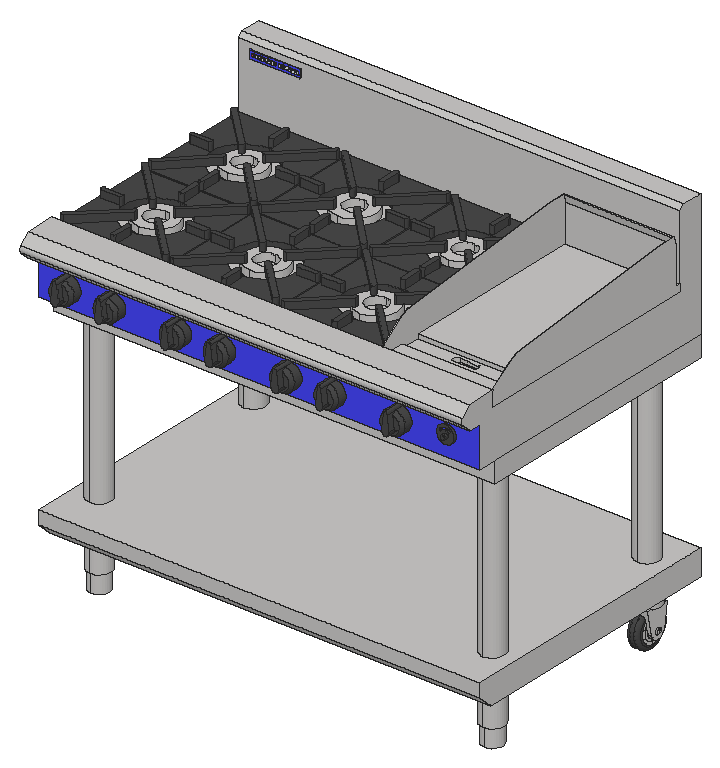
Revit family "QF_MOFFAT_BLUESEAL_CE_G518C-LS", category Specialty Equipment, Revit 2012 (continued)
Definition of nested family "GAS BURNER 900 & GRIDDLE 300"
  Definition of nested family "GAS BURNER 900"
    Forms (mm)
      Extrusion 2, solid, material "QF_Finishes_Black"
        sketch origin (0, 0, 19.5) x (0, -1, 0) y (1, 0, 0)
          loop
            spline (378.102, 143.6) -> (379.396, 143.818) -> (380.602, 144.457) -> (381.638, 145.475) -> (382.432, 146.8) -> (382.932, 148.344) -> (383.102, 150) -> (382.932, 151.656) -> (382.432, 153.2) -> (381.638, 154.525) -> (380.602, 155.543) -> (379.396, 156.182) -> (378.102, 156.4)
            line (378.102, 156.4) -> (328.898, 156.4)
          loop
            spline (335.153, 293.898) -> (334.084, 294.659) -> (332.779, 295.059) -> (331.328, 295.072) -> (329.829, 294.697) -> (328.384, 293.959) -> (327.092, 292.908) -> (326.041, 291.616) -> (325.303, 290.171) -> (324.928, 288.672) -> (324.941, 287.221) -> (325.341, 285.916) -> (326.102, 284.847)
            line (326.102, 284.847) -> (434.025, 176.924)
            spline (434.025, 176.924) -> (435.095, 176.163) -> (436.399, 175.762) -> (437.851, 175.749) -> (439.35, 176.125) -> (440.795, 176.863) -> (442.086, 177.914) -> (443.137, 179.205) -> (443.875, 180.65) -> (444.251, 182.149) -> (444.238, 183.601) -> (443.837, 184.905) -> (443.076, 185.975)
            line (443.076, 185.975) -> (335.153, 293.898)
          loop
            line (463.6, 291.102) -> (463.6, 241.898)
            spline (463.6, 241.898) -> (463.818, 240.604) -> (464.457, 239.398) -> (465.475, 238.362) -> (466.8, 237.568) -> (468.344, 237.068) -> (470, 236.898) -> (471.656, 237.068) -> (473.2, 237.568) -> (474.525, 238.362) -> (475.543, 239.398) -> (476.182, 240.604) -> (476.4, 241.898)
            line (476.4, 241.898) -> (476.4, 291.102)
            spline (476.4, 291.102) -> (476.182, 292.396) -> (475.543, 293.602) -> (474.525, 294.638) -> (473.2, 295.432) -> (471.656, 295.932) -> (470, 296.102) -> (468.344, 295.932) -> (466.8, 295.432) -> (465.475, 294.638) -> (464.457, 293.602) -> (463.818, 292.396) -> (463.6, 291.102)
          loop
            spline (612.398, 284.847) -> (613.159, 285.916) -> (613.559, 287.221) -> (613.572, 288.672) -> (613.197, 290.171) -> (612.459, 291.616) -> (611.408, 292.908) -> (610.116, 293.959) -> (608.671, 294.697) -> (607.172, 295.072) -> (605.721, 295.059) -> (604.416, 294.659) -> (603.347, 293.898)
            line (603.347, 293.898) -> (496.924, 185.975)
            spline (496.924, 185.975) -> (496.163, 184.905) -> (495.762, 183.601) -> (495.749, 182.149) -> (496.125, 180.65) -> (496.863, 179.205) -> (497.914, 177.914) -> (499.205, 176.863) -> (500.65, 176.125) -> (502.149, 175.749) -> (503.601, 175.762) -> (504.905, 176.163) -> (505.975, 176.924)
            line (505.975, 176.924) -> (612.398, 284.847)
          loop
            spline (609.602, 143.6) -> (610.896, 143.818) -> (612.102, 144.457) -> (613.138, 145.475) -> (613.932, 146.8) -> (614.432, 148.344) -> (614.602, 150) -> (614.432, 151.656) -> (613.932, 153.2) -> (613.138, 154.525) -> (612.102, 155.543) -> (610.896, 156.182) -> (609.602, 156.4)
            line (609.602, 156.4) -> (561.898, 156.4)
            spline (561.898, 156.4) -> (560.604, 156.182) -> (559.398, 155.543) -> (558.362, 154.525) -> (557.568, 153.2) -> (557.068, 151.656) -> (556.898, 150) -> (557.068, 148.344) -> (557.568, 146.8) -> (558.362, 145.475) -> (559.398, 144.457) -> (560.604, 143.818) -> (561.898, 143.6)
            line (561.898, 143.6) -> (609.602, 143.6)
          loop
            line (612.398, 15.153) -> (505.975, 123.076)
            spline (505.975, 123.076) -> (504.905, 123.837) -> (503.601, 124.238) -> (502.149, 124.251) -> (500.65, 123.875) -> (499.205, 123.137) -> (497.914, 122.086) -> (496.863, 120.795) -> (496.125, 119.35) -> (495.749, 117.851) -> (495.762, 116.399) -> (496.163, 115.095) -> (496.924, 114.025)
            line (496.924, 114.025) -> (603.347, 6.102)
            spline (603.347, 6.102) -> (604.416, 5.341) -> (605.721, 4.941) -> (607.172, 4.928) -> (608.671, 5.303) -> (610.116, 6.041) -> (611.408, 7.092) -> (612.459, 8.384) -> (613.197, 9.829) -> (613.572, 11.328) -> (613.559, 12.779) -> (613.159, 14.084) -> (612.398, 15.153)
          loop
            line (476.4, 8.898) -> (476.4, 58.102)
            spline (476.4, 58.102) -> (476.182, 59.396) -> (475.543, 60.602) -> (474.525, 61.638) -> (473.2, 62.432) -> (471.656, 62.932) -> (470, 63.102) -> (468.344, 62.932) -> (466.8, 62.432) -> (465.475, 61.638) -> (464.457, 60.602) -> (463.818, 59.396) -> (463.6, 58.102)
            line (463.6, 58.102) -> (463.6, 8.898)
            spline (463.6, 8.898) -> (463.818, 7.604) -> (464.457, 6.398) -> (465.475, 5.362) -> (466.8, 4.568) -> (468.344, 4.068) -> (470, 3.898) -> (471.656, 4.068) -> (473.2, 4.568) -> (474.525, 5.362) -> (475.543, 6.398) -> (476.182, 7.604) -> (476.4, 8.898)
          loop
            spline (22.602, 15.153) -> (21.681, 13.924) -> (21.131, 12.47) -> (20.99, 10.89) -> (21.267, 9.292) -> (21.943, 7.786) -> (22.973, 6.473) -> (24.286, 5.443) -> (25.792, 4.767) -> (27.39, 4.49) -> (28.97, 4.631) -> (30.424, 5.181) -> (31.653, 6.102)
            line (31.653, 6.102) -> (139.576, 114.025)
            spline (139.576, 114.025) -> (140.337, 115.095) -> (140.738, 116.399) -> (140.751, 117.851) -> (140.375, 119.35) -> (139.637, 120.795) -> (138.586, 122.086) -> (137.295, 123.137) -> (135.85, 123.875) -> (134.351, 124.251) -> (132.899, 124.238) -> (131.595, 123.837) -> (130.525, 123.076)
            line (130.525, 123.076) -> (22.602, 15.153)
          loop
            spline (25.398, 156.4) -> (24.104, 156.182) -> (22.898, 155.543) -> (21.862, 154.525) -> (21.068, 153.2) -> (20.568, 151.656) -> (20.398, 150) -> (20.568, 148.344) -> (21.068, 146.8) -> (21.862, 145.475) -> (22.898, 144.457) -> (24.104, 143.818) -> (25.398, 143.6)
            line (25.398, 143.6) -> (74.602, 143.6)
            spline (74.602, 143.6) -> (75.896, 143.818) -> (77.102, 144.457) -> (78.138, 145.475) -> (78.932, 146.8) -> (79.432, 148.344) -> (79.602, 150) -> (79.432, 151.656) -> (78.932, 153.2) -> (78.138, 154.525) -> (77.102, 155.543) -> (75.896, 156.182) -> (74.602, 156.4)
            line (74.602, 156.4) -> (25.398, 156.4)
          loop
            spline (31.653, 293.898) -> (30.584, 294.659) -> (29.279, 295.059) -> (27.828, 295.072) -> (26.329, 294.697) -> (24.884, 293.959) -> (23.592, 292.908) -> (22.541, 291.616) -> (21.803, 290.171) -> (21.428, 288.672) -> (21.441, 287.221) -> (21.841, 285.916) -> (22.602, 284.847)
            line (22.602, 284.847) -> (130.525, 176.924)
            spline (130.525, 176.924) -> (131.595, 176.163) -> (132.899, 175.762) -> (134.351, 175.749) -> (135.85, 176.125) -> (137.295, 176.863) -> (138.586, 177.914) -> (139.637, 179.205) -> (140.375, 180.65) -> (140.751, 182.149) -> (140.738, 183.601) -> (140.337, 184.905) -> (139.576, 185.975)
            line (139.576, 185.975) -> (31.653, 293.898)
          loop
            line (160.1, 291.102) -> (160.1, 241.898)
            spline (160.1, 241.898) -> (160.318, 240.604) -> (160.957, 239.398) -> (161.975, 238.362) -> (163.3, 237.568) -> (164.844, 237.068) -> (166.5, 236.898) -> (168.156, 237.068) -> (169.7, 237.568) -> (171.025, 238.362) -> (172.043, 239.398) -> (172.682, 240.604) -> (172.9, 241.898)
            line (172.9, 241.898) -> (172.9, 291.102)
            spline (172.9, 291.102) -> (172.682, 292.396) -> (172.043, 293.602) -> (171.025, 294.638) -> (169.7, 295.432) -> (168.156, 295.932) -> (166.5, 296.102) -> (164.844, 295.932) -> (163.3, 295.432) -> (161.975, 294.638) -> (160.957, 293.602) -> (160.318, 292.396) -> (160.1, 291.102)
          loop
            spline (313.898, 284.847) -> (314.659, 285.916) -> (315.059, 287.221) -> (315.072, 288.672) -> (314.697, 290.171) -> (313.959, 291.616) -> (312.908, 292.908) -> (311.616, 293.959) -> (310.171, 294.697) -> (308.672, 295.072) -> (307.221, 295.059) -> (305.916, 294.659) -> (304.847, 293.898)
            line (304.847, 293.898) -> (193.424, 185.975)
            spline (193.424, 185.975) -> (192.663, 184.905) -> (192.262, 183.601) -> (192.249, 182.149) -> (192.625, 180.65) -> (193.363, 179.205) -> (194.414, 177.914) -> (195.705, 176.863) -> (197.15, 176.125) -> (198.649, 175.749) -> (200.101, 175.762) -> (201.405, 176.163) -> (202.475, 176.924)
            line (202.475, 176.924) -> (313.898, 284.847)
          loop
            spline (311.102, 143.6) -> (312.396, 143.818) -> (313.602, 144.457) -> (314.638, 145.475) -> (315.432, 146.8) -> (315.932, 148.344) -> (316.102, 150) -> (315.932, 151.656) -> (315.432, 153.2) -> (314.638, 154.525) -> (313.602, 155.543) -> (312.396, 156.182) -> (311.102, 156.4)
            line (311.102, 156.4) -> (261.898, 156.4)
            spline (261.898, 156.4) -> (260.604, 156.182) -> (259.398, 155.543) -> (258.362, 154.525) -> (257.568, 153.2) -> (257.068, 151.656) -> (256.898, 150) -> (257.068, 148.344) -> (257.568, 146.8) -> (258.362, 145.475) -> (259.398, 144.457) -> (260.604, 143.818) -> (261.898, 143.6)
            line (261.898, 143.6) -> (311.102, 143.6)
          loop
            line (313.898, 15.153) -> (202.475, 123.076)
            spline (202.475, 123.076) -> (201.405, 123.837) -> (200.101, 124.238) -> (198.649, 124.251) -> (197.15, 123.875) -> (195.705, 123.137) -> (194.414, 122.086) -> (193.363, 120.795) -> (192.625, 119.35) -> (192.249, 117.851) -> (192.262, 116.399) -> (192.663, 115.095) -> (193.424, 114.025)
            line (193.424, 114.025) -> (304.847, 6.102)
            spline (304.847, 6.102) -> (305.916, 5.341) -> (307.221, 4.941) -> (308.672, 4.928) -> (310.171, 5.303) -> (311.616, 6.041) -> (312.908, 7.092) -> (313.959, 8.384) -> (314.697, 9.829) -> (315.072, 11.328) -> (315.059, 12.779) -> (314.659, 14.084) -> (313.898, 15.153)
          loop
            line (172.9, 8.898) -> (172.9, 58.102)
            spline (172.9, 58.102) -> (172.682, 59.396) -> (172.043, 60.602) -> (171.025, 61.638) -> (169.7, 62.432) -> (168.156, 62.932) -> (166.5, 63.102) -> (164.844, 62.932) -> (163.3, 62.432) -> (161.975, 61.638) -> (160.957, 60.602) -> (160.318, 59.396) -> (160.1, 58.102)
            line (160.1, 58.102) -> (160.1, 8.898)
            spline (160.1, 8.898) -> (160.318, 7.604) -> (160.957, 6.398) -> (161.975, 5.362) -> (163.3, 4.568) -> (164.844, 4.068) -> (166.5, 3.898) -> (168.156, 4.068) -> (169.7, 4.568) -> (171.025, 5.362) -> (172.043, 6.398) -> (172.682, 7.604) -> (172.9, 8.898)
        from 0 to 20.5
      Extrusion 3, solid, material "QF_Finishes_Stainless Steel"
        sketch origin (0, -15.098, 0) x (0, -1, 0) y (1, 0, 0)
          loop
            circle (151.402, 150) r 57
          loop
            circle (451.402, 150) r 57
          loop
            circle (151.402, 150) r 30
          loop
            circle (451.402, 150) r 30
        from 0 to 20
      Extrusion 4, solid, material "QF_Finishes_Black"
        sketch origin (600, 0, 0) x (0, -1, 0) y (1, 0, 0)
          loop
            arc (318.5, -4) -> (317.621, -1.879) -> (315.5, -1) r 3
            line (315.5, -1) -> (3, -1)
            arc (3, -1) -> (0.879, -1.879) -> (0, -4) r 3
            line (0, -4) -> (0, -296)
            arc (0, -296) -> (0.879, -298.121) -> (3, -299) r 3
            line (3, -299) -> (315.5, -299)
            arc (315.5, -299) -> (317.621, -298.121) -> (318.5, -296) r 3
            line (318.5, -296) -> (318.5, -4)
          loop
            arc (324.5, -1) -> (322.379, -1.879) -> (321.5, -4) r 3
            line (321.5, -4) -> (321.5, -296)
            arc (321.5, -296) -> (322.379, -298.121) -> (324.5, -299) r 3
            line (324.5, -299) -> (632, -299)
            arc (632, -299) -> (634.121, -298.121) -> (635, -296) r 3
            line (635, -296) -> (635, -4)
            arc (635, -4) -> (634.121, -1.879) -> (632, -1) r 3
            line (632, -1) -> (324.5, -1)
          loop
            circle (168.5, -149.991) r 84.082
          loop
            circle (468.5, -149.991) r 84.082
        from 0 to 19.5
      Extrusion 5, solid, material "QF_Finishes_Black"
        sketch origin (600, 0, 19.5) x (0, -1, 0) y (1, 0, 0)
          loop
            line (326.102, -15.153) -> (434.025, -123.076)
            spline (434.025, -123.076) -> (435.095, -123.837) -> (436.399, -124.238) -> (437.851, -124.251) -> (439.35, -123.875) -> (440.795, -123.137) -> (442.086, -122.086) -> (443.137, -120.795) -> (443.875, -119.35) -> (444.251, -117.851) -> (444.238, -116.399) -> (443.837, -115.095) -> (443.076, -114.025)
            line (443.076, -114.025) -> (335.153, -6.102)
            spline (335.153, -6.102) -> (333.924, -5.181) -> (332.47, -4.631) -> (330.89, -4.49) -> (329.292, -4.767) -> (327.786, -5.443) -> (326.473, -6.473) -> (325.443, -7.786) -> (324.767, -9.292) -> (324.49, -10.89) -> (324.631, -12.47) -> (325.181, -13.924) -> (326.102, -15.153)
          loop
            line (328.898, -156.4) -> (378.102, -156.4)
            spline (378.102, -156.4) -> (379.396, -156.182) -> (380.602, -155.543) -> (381.638, -154.525) -> (382.432, -153.2) -> (382.932, -151.656) -> (383.102, -150) -> (382.932, -148.344) -> (382.432, -146.8) -> (381.638, -145.475) -> (380.602, -144.457) -> (379.396, -143.818) -> (378.102, -143.6)
            line (378.102, -143.6) -> (328.898, -143.6)
            spline (328.898, -143.6) -> (327.604, -143.818) -> (326.398, -144.457) -> (325.362, -145.475) -> (324.568, -146.8) -> (324.068, -148.344) -> (323.898, -150) -> (324.068, -151.656) -> (324.568, -153.2) -> (325.362, -154.525) -> (326.398, -155.543) -> (327.604, -156.182) -> (328.898, -156.4)
          loop
            line (335.153, -293.898) -> (443.076, -185.975)
            spline (443.076, -185.975) -> (443.837, -184.905) -> (444.238, -183.601) -> (444.251, -182.149) -> (443.875, -180.65) -> (443.137, -179.205) -> (442.086, -177.914) -> (440.795, -176.863) -> (439.35, -176.125) -> (437.851, -175.749) -> (436.399, -175.762) -> (435.095, -176.163) -> (434.025, -176.924)
            line (434.025, -176.924) -> (326.102, -284.847)
            spline (326.102, -284.847) -> (325.341, -285.916) -> (324.941, -287.221) -> (324.928, -288.672) -> (325.303, -290.171) -> (326.041, -291.616) -> (327.092, -292.908) -> (328.384, -293.959) -> (329.829, -294.697) -> (331.328, -295.072) -> (332.779, -295.059) -> (334.084, -294.659) -> (335.153, -293.898)
          loop
            spline (463.6, -291.102) -> (463.818, -292.396) -> (464.457, -293.602) -> (465.475, -294.638) -> (466.8, -295.432) -> (468.344, -295.932) -> (470, -296.102) -> (471.656, -295.932) -> (473.2, -295.432) -> (474.525, -294.638) -> (475.543, -293.602) -> (476.182, -292.396) -> (476.4, -291.102)
            line (476.4, -291.102) -> (476.4, -241.898)
            spline (476.4, -241.898) -> (476.182, -240.604) -> (475.543, -239.398) -> (474.525, -238.362) -> (473.2, -237.568) -> (471.656, -237.068) -> (470, -236.898) -> (468.344, -237.068) -> (466.8, -237.568) -> (465.475, -238.362) -> (464.457, -239.398) -> (463.818, -240.604) -> (463.6, -241.898)
            line (463.6, -241.898) -> (463.6, -291.102)
          loop
            line (612.398, -284.847) -> (505.975, -176.924)
            spline (505.975, -176.924) -> (504.905, -176.163) -> (503.601, -175.762) -> (502.149, -175.749) -> (500.65, -176.125) -> (499.205, -176.863) -> (497.914, -177.914) -> (496.863, -179.205) -> (496.125, -180.65) -> (495.749, -182.149) -> (495.762, -183.601) -> (496.163, -184.905) -> (496.924, -185.975)
            line (496.924, -185.975) -> (603.347, -293.898)
            spline (603.347, -293.898) -> (604.416, -294.659) -> (605.721, -295.059) -> (607.172, -295.072) -> (608.671, -294.697) -> (610.116, -293.959) -> (611.408, -292.908) -> (612.459, -291.616) -> (613.197, -290.171) -> (613.572, -288.672) -> (613.559, -287.221) -> (613.159, -285.916) -> (612.398, -284.847)
          loop
            line (609.602, -143.6) -> (561.898, -143.6)
            spline (561.898, -143.6) -> (560.604, -143.818) -> (559.398, -144.457) -> (558.362, -145.475) -> (557.568, -146.8) -> (557.068, -148.344) -> (556.898, -150) -> (557.068, -151.656) -> (557.568, -153.2) -> (558.362, -154.525) -> (559.398, -155.543) -> (560.604, -156.182) -> (561.898, -156.4)
            line (561.898, -156.4) -> (609.602, -156.4)
            spline (609.602, -156.4) -> (610.896, -156.182) -> (612.102, -155.543) -> (613.138, -154.525) -> (613.932, -153.2) -> (614.432, -151.656) -> (614.602, -150) -> (614.432, -148.344) -> (613.932, -146.8) -> (613.138, -145.475) -> (612.102, -144.457) -> (610.896, -143.818) -> (609.602, -143.6)
          loop
            spline (612.398, -15.153) -> (613.159, -14.084) -> (613.559, -12.779) -> (613.572, -11.328) -> (613.197, -9.829) -> (612.459, -8.384) -> (611.408, -7.092) -> (610.116, -6.041) -> (608.671, -5.303) -> (607.172, -4.928) -> (605.721, -4.941) -> (604.416, -5.341) -> (603.347, -6.102)
            line (603.347, -6.102) -> (496.924, -114.025)
            spline (496.924, -114.025) -> (496.163, -115.095) -> (495.762, -116.399) -> (495.749, -117.851) -> (496.125, -119.35) -> (496.863, -120.795) -> (497.914, -122.086) -> (499.205, -123.137) -> (500.65, -123.875) -> (502.149, -124.251) -> (503.601, -124.238) -> (504.905, -123.837) -> (505.975, -123.076)
            line (505.975, -123.076) -> (612.398, -15.153)
          loop
            spline (476.4, -8.898) -> (476.182, -7.604) -> (475.543, -6.398) -> (474.525, -5.362) -> (473.2, -4.568) -> (471.656, -4.068) -> (470, -3.898) -> (468.344, -4.068) -> (466.8, -4.568) -> (465.475, -5.362) -> (464.457, -6.398) -> (463.818, -7.604) -> (463.6, -8.898)
            line (463.6, -8.898) -> (463.6, -58.102)
            spline (463.6, -58.102) -> (463.818, -59.396) -> (464.457, -60.602) -> (465.475, -61.638) -> (466.8, -62.432) -> (468.344, -62.932) -> (470, -63.102) -> (471.656, -62.932) -> (473.2, -62.432) -> (474.525, -61.638) -> (475.543, -60.602) -> (476.182, -59.396) -> (476.4, -58.102)
            line (476.4, -58.102) -> (476.4, -8.898)
          loop
            line (22.602, -15.153) -> (130.525, -123.076)
            spline (130.525, -123.076) -> (131.595, -123.837) -> (132.899, -124.238) -> (134.351, -124.251) -> (135.85, -123.875) -> (137.295, -123.137) -> (138.586, -122.086) -> (139.637, -120.795) -> (140.375, -119.35) -> (140.751, -117.851) -> (140.738, -116.399) -> (140.337, -115.095) -> (139.576, -114.025)
            line (139.576, -114.025) -> (31.653, -6.102)
            spline (31.653, -6.102) -> (30.424, -5.181) -> (28.97, -4.631) -> (27.39, -4.49) -> (25.792, -4.767) -> (24.286, -5.443) -> (22.973, -6.473) -> (21.943, -7.786) -> (21.267, -9.292) -> (20.99, -10.89) -> (21.131, -12.47) -> (21.681, -13.924) -> (22.602, -15.153)
          loop
            line (25.398, -156.4) -> (74.602, -156.4)
            spline (74.602, -156.4) -> (75.896, -156.182) -> (77.102, -155.543) -> (78.138, -154.525) -> (78.932, -153.2) -> (79.432, -151.656) -> (79.602, -150) -> (79.432, -148.344) -> (78.932, -146.8) -> (78.138, -145.475) -> (77.102, -144.457) -> (75.896, -143.818) -> (74.602, -143.6)
            line (74.602, -143.6) -> (25.398, -143.6)
            spline (25.398, -143.6) -> (24.104, -143.818) -> (22.898, -144.457) -> (21.862, -145.475) -> (21.068, -146.8) -> (20.568, -148.344) -> (20.398, -150) -> (20.568, -151.656) -> (21.068, -153.2) -> (21.862, -154.525) -> (22.898, -155.543) -> (24.104, -156.182) -> (25.398, -156.4)
          loop
            line (31.653, -293.898) -> (139.576, -185.975)
            spline (139.576, -185.975) -> (140.337, -184.905) -> (140.738, -183.601) -> (140.751, -182.149) -> (140.375, -180.65) -> (139.637, -179.205) -> (138.586, -177.914) -> (137.295, -176.863) -> (135.85, -176.125) -> (134.351, -175.749) -> (132.899, -175.762) -> (131.595, -176.163) -> (130.525, -176.924)
            line (130.525, -176.924) -> (22.602, -284.847)
            spline (22.602, -284.847) -> (21.841, -285.916) -> (21.441, -287.221) -> (21.428, -288.672) -> (21.803, -290.171) -> (22.541, -291.616) -> (23.592, -292.908) -> (24.884, -293.959) -> (26.329, -294.697) -> (27.828, -295.072) -> (29.279, -295.059) -> (30.584, -294.659) -> (31.653, -293.898)
          loop
            spline (160.1, -291.102) -> (160.318, -292.396) -> (160.957, -293.602) -> (161.975, -294.638) -> (163.3, -295.432) -> (164.844, -295.932) -> (166.5, -296.102) -> (168.156, -295.932) -> (169.7, -295.432) -> (171.025, -294.638) -> (172.043, -293.602) -> (172.682, -292.396) -> (172.9, -291.102)
            line (172.9, -291.102) -> (172.9, -241.898)
            spline (172.9, -241.898) -> (172.682, -240.604) -> (172.043, -239.398) -> (171.025, -238.362) -> (169.7, -237.568) -> (168.156, -237.068) -> (166.5, -236.898) -> (164.844, -237.068) -> (163.3, -237.568) -> (161.975, -238.362) -> (160.957, -239.398) -> (160.318, -240.604) -> (160.1, -241.898)
            line (160.1, -241.898) -> (160.1, -291.102)
          loop
            line (313.898, -284.847) -> (202.475, -176.924)
            spline (202.475, -176.924) -> (201.405, -176.163) -> (200.101, -175.762) -> (198.649, -175.749) -> (197.15, -176.125) -> (195.705, -176.863) -> (194.414, -177.914) -> (193.363, -179.205) -> (192.625, -180.65) -> (192.249, -182.149) -> (192.262, -183.601) -> (192.663, -184.905) -> (193.424, -185.975)
            line (193.424, -185.975) -> (304.847, -293.898)
            spline (304.847, -293.898) -> (305.916, -294.659) -> (307.221, -295.059) -> (308.672, -295.072) -> (310.171, -294.697) -> (311.616, -293.959) -> (312.908, -292.908) -> (313.959, -291.616) -> (314.697, -290.171) -> (315.072, -288.672) -> (315.059, -287.221) -> (314.659, -285.916) -> (313.898, -284.847)
          loop
            line (311.102, -143.6) -> (261.898, -143.6)
            spline (261.898, -143.6) -> (260.604, -143.818) -> (259.398, -144.457) -> (258.362, -145.475) -> (257.568, -146.8) -> (257.068, -148.344) -> (256.898, -150) -> (257.068, -151.656) -> (257.568, -153.2) -> (258.362, -154.525) -> (259.398, -155.543) -> (260.604, -156.182) -> (261.898, -156.4)
            line (261.898, -156.4) -> (311.102, -156.4)
            spline (311.102, -156.4) -> (312.396, -156.182) -> (313.602, -155.543) -> (314.638, -154.525) -> (315.432, -153.2) -> (315.932, -151.656) -> (316.102, -150) -> (315.932, -148.344) -> (315.432, -146.8) -> (314.638, -145.475) -> (313.602, -144.457) -> (312.396, -143.818) -> (311.102, -143.6)
          loop
            spline (313.898, -15.153) -> (314.659, -14.084) -> (315.059, -12.779) -> (315.072, -11.328) -> (314.697, -9.829) -> (313.959, -8.384) -> (312.908, -7.092) -> (311.616, -6.041) -> (310.171, -5.303) -> (308.672, -4.928) -> (307.221, -4.941) -> (305.916, -5.341) -> (304.847, -6.102)
            line (304.847, -6.102) -> (193.424, -114.025)
            spline (193.424, -114.025) -> (192.663, -115.095) -> (192.262, -116.399) -> (192.249, -117.851) -> (192.625, -119.35) -> (193.363, -120.795) -> (194.414, -122.086) -> (195.705, -123.137) -> (197.15, -123.875) -> (198.649, -124.251) -> (200.101, -124.238) -> (201.405, -123.837) -> (202.475, -123.076)
            line (202.475, -123.076) -> (313.898, -15.153)
          loop
            spline (172.9, -8.898) -> (172.682, -7.604) -> (172.043, -6.398) -> (171.025, -5.362) -> (169.7, -4.568) -> (168.156, -4.068) -> (166.5, -3.898) -> (164.844, -4.068) -> (163.3, -4.568) -> (161.975, -5.362) -> (160.957, -6.398) -> (160.318, -7.604) -> (160.1, -8.898)
            line (160.1, -8.898) -> (160.1, -58.102)
            spline (160.1, -58.102) -> (160.318, -59.396) -> (160.957, -60.602) -> (161.975, -61.638) -> (163.3, -62.432) -> (164.844, -62.932) -> (166.5, -63.102) -> (168.156, -62.932) -> (169.7, -62.432) -> (171.025, -61.638) -> (172.043, -60.602) -> (172.682, -59.396) -> (172.9, -58.102)
            line (172.9, -58.102) -> (172.9, -8.898)
        from 0 to 20.5
      Extrusion 6, solid, material "QF_Finishes_Stainless Steel"
        sketch origin (600, -15.098, 0) x (0, -1, 0) y (1, 0, 0)
          loop
            circle (151.402, -150) r 57
          loop
            circle (451.402, -150) r 57
          loop
            circle (151.402, -150) r 30
          loop
            circle (451.402, -150) r 30
        from 0 to 20
      Extrusion 7, solid, material "QF_Finishes_Black"
        sketch origin (901, 0, 19.5) x (0, -1, 0) y (1, 0, 0)
          loop
            line (326.102, -15.153) -> (434.025, -123.076)
            spline (434.025, -123.076) -> (435.095, -123.837) -> (436.399, -124.238) -> (437.851, -124.251) -> (439.35, -123.875) -> (440.795, -123.137) -> (442.086, -122.086) -> (443.137, -120.795) -> (443.875, -119.35) -> (444.251, -117.851) -> (444.238, -116.399) -> (443.837, -115.095) -> (443.076, -114.025)
            line (443.076, -114.025) -> (335.153, -6.102)
            spline (335.153, -6.102) -> (333.924, -5.181) -> (332.47, -4.631) -> (330.89, -4.49) -> (329.292, -4.767) -> (327.786, -5.443) -> (326.473, -6.473) -> (325.443, -7.786) -> (324.767, -9.292) -> (324.49, -10.89) -> (324.631, -12.47) -> (325.181, -13.924) -> (326.102, -15.153)
          loop
            line (328.898, -156.4) -> (378.102, -156.4)
            spline (378.102, -156.4) -> (379.396, -156.182) -> (380.602, -155.543) -> (381.638, -154.525) -> (382.432, -153.2) -> (382.932, -151.656) -> (383.102, -150) -> (382.932, -148.344) -> (382.432, -146.8) -> (381.638, -145.475) -> (380.602, -144.457) -> (379.396, -143.818) -> (378.102, -143.6)
            line (378.102, -143.6) -> (328.898, -143.6)
            spline (328.898, -143.6) -> (327.604, -143.818) -> (326.398, -144.457) -> (325.362, -145.475) -> (324.568, -146.8) -> (324.068, -148.344) -> (323.898, -150) -> (324.068, -151.656) -> (324.568, -153.2) -> (325.362, -154.525) -> (326.398, -155.543) -> (327.604, -156.182) -> (328.898, -156.4)
          loop
            line (335.153, -293.898) -> (443.076, -185.975)
            spline (443.076, -185.975) -> (443.837, -184.905) -> (444.238, -183.601) -> (444.251, -182.149) -> (443.875, -180.65) -> (443.137, -179.205) -> (442.086, -177.914) -> (440.795, -176.863) -> (439.35, -176.125) -> (437.851, -175.749) -> (436.399, -175.762) -> (435.095, -176.163) -> (434.025, -176.924)
            line (434.025, -176.924) -> (326.102, -284.847)
            spline (326.102, -284.847) -> (325.341, -285.916) -> (324.941, -287.221) -> (324.928, -288.672) -> (325.303, -290.171) -> (326.041, -291.616) -> (327.092, -292.908) -> (328.384, -293.959) -> (329.829, -294.697) -> (331.328, -295.072) -> (332.779, -295.059) -> (334.084, -294.659) -> (335.153, -293.898)
          loop
            spline (463.6, -291.102) -> (463.818, -292.396) -> (464.457, -293.602) -> (465.475, -294.638) -> (466.8, -295.432) -> (468.344, -295.932) -> (470, -296.102) -> (471.656, -295.932) -> (473.2, -295.432) -> (474.525, -294.638) -> (475.543, -293.602) -> (476.182, -292.396) -> (476.4, -291.102)
            line (476.4, -291.102) -> (476.4, -241.898)
            spline (476.4, -241.898) -> (476.182, -240.604) -> (475.543, -239.398) -> (474.525, -238.362) -> (473.2, -237.568) -> (471.656, -237.068) -> (470, -236.898) -> (468.344, -237.068) -> (466.8, -237.568) -> (465.475, -238.362) -> (464.457, -239.398) -> (463.818, -240.604) -> (463.6, -241.898)
            line (463.6, -241.898) -> (463.6, -291.102)
          loop
            line (612.398, -284.847) -> (505.975, -176.924)
            spline (505.975, -176.924) -> (504.905, -176.163) -> (503.601, -175.762) -> (502.149, -175.749) -> (500.65, -176.125) -> (499.205, -176.863) -> (497.914, -177.914) -> (496.863, -179.205) -> (496.125, -180.65) -> (495.749, -182.149) -> (495.762, -183.601) -> (496.163, -184.905) -> (496.924, -185.975)
            line (496.924, -185.975) -> (603.347, -293.898)
            spline (603.347, -293.898) -> (604.416, -294.659) -> (605.721, -295.059) -> (607.172, -295.072) -> (608.671, -294.697) -> (610.116, -293.959) -> (611.408, -292.908) -> (612.459, -291.616) -> (613.197, -290.171) -> (613.572, -288.672) -> (613.559, -287.221) -> (613.159, -285.916) -> (612.398, -284.847)
          loop
            line (609.602, -143.6) -> (561.898, -143.6)
            spline (561.898, -143.6) -> (560.604, -143.818) -> (559.398, -144.457) -> (558.362, -145.475) -> (557.568, -146.8) -> (557.068, -148.344) -> (556.898, -150) -> (557.068, -151.656) -> (557.568, -153.2) -> (558.362, -154.525) -> (559.398, -155.543) -> (560.604, -156.182) -> (561.898, -156.4)
            line (561.898, -156.4) -> (609.602, -156.4)
            spline (609.602, -156.4) -> (610.896, -156.182) -> (612.102, -155.543) -> (613.138, -154.525) -> (613.932, -153.2) -> (614.432, -151.656) -> (614.602, -150) -> (614.432, -148.344) -> (613.932, -146.8) -> (613.138, -145.475) -> (612.102, -144.457) -> (610.896, -143.818) -> (609.602, -143.6)
          loop
            spline (612.398, -15.153) -> (613.159, -14.084) -> (613.559, -12.779) -> (613.572, -11.328) -> (613.197, -9.829) -> (612.459, -8.384) -> (611.408, -7.092) -> (610.116, -6.041) -> (608.671, -5.303) -> (607.172, -4.928) -> (605.721, -4.941) -> (604.416, -5.341) -> (603.347, -6.102)
            line (603.347, -6.102) -> (496.924, -114.025)
            spline (496.924, -114.025) -> (496.163, -115.095) -> (495.762, -116.399) -> (495.749, -117.851) -> (496.125, -119.35) -> (496.863, -120.795) -> (497.914, -122.086) -> (499.205, -123.137) -> (500.65, -123.875) -> (502.149, -124.251) -> (503.601, -124.238) -> (504.905, -123.837) -> (505.975, -123.076)
            line (505.975, -123.076) -> (612.398, -15.153)
          loop
            spline (476.4, -8.898) -> (476.182, -7.604) -> (475.543, -6.398) -> (474.525, -5.362) -> (473.2, -4.568) -> (471.656, -4.068) -> (470, -3.898) -> (468.344, -4.068) -> (466.8, -4.568) -> (465.475, -5.362) -> (464.457, -6.398) -> (463.818, -7.604) -> (463.6, -8.898)
            line (463.6, -8.898) -> (463.6, -58.102)
            spline (463.6, -58.102) -> (463.818, -59.396) -> (464.457, -60.602) -> (465.475, -61.638) -> (466.8, -62.432) -> (468.344, -62.932) -> (470, -63.102) -> (471.656, -62.932) -> (473.2, -62.432) -> (474.525, -61.638) -> (475.543, -60.602) -> (476.182, -59.396) -> (476.4, -58.102)
            line (476.4, -58.102) -> (476.4, -8.898)
          loop
            line (22.602, -15.153) -> (130.525, -123.076)
            spline (130.525, -123.076) -> (131.595, -123.837) -> (132.899, -124.238) -> (134.351, -124.251) -> (135.85, -123.875) -> (137.295, -123.137) -> (138.586, -122.086) -> (139.637, -120.795) -> (140.375, -119.35) -> (140.751, -117.851) -> (140.738, -116.399) -> (140.337, -115.095) -> (139.576, -114.025)
            line (139.576, -114.025) -> (31.653, -6.102)
            spline (31.653, -6.102) -> (30.424, -5.181) -> (28.97, -4.631) -> (27.39, -4.49) -> (25.792, -4.767) -> (24.286, -5.443) -> (22.973, -6.473) -> (21.943, -7.786) -> (21.267, -9.292) -> (20.99, -10.89) -> (21.131, -12.47) -> (21.681, -13.924) -> (22.602, -15.153)
          loop
            line (25.398, -156.4) -> (74.602, -156.4)
            spline (74.602, -156.4) -> (75.896, -156.182) -> (77.102, -155.543) -> (78.138, -154.525) -> (78.932, -153.2) -> (79.432, -151.656) -> (79.602, -150) -> (79.432, -148.344) -> (78.932, -146.8) -> (78.138, -145.475) -> (77.102, -144.457) -> (75.896, -143.818) -> (74.602, -143.6)
            line (74.602, -143.6) -> (25.398, -143.6)
            spline (25.398, -143.6) -> (24.104, -143.818) -> (22.898, -144.457) -> (21.862, -145.475) -> (21.068, -146.8) -> (20.568, -148.344) -> (20.398, -150) -> (20.568, -151.656) -> (21.068, -153.2) -> (21.862, -154.525) -> (22.898, -155.543) -> (24.104, -156.182) -> (25.398, -156.4)
          loop
            line (31.653, -293.898) -> (139.576, -185.975)
            spline (139.576, -185.975) -> (140.337, -184.905) -> (140.738, -183.601) -> (140.751, -182.149) -> (140.375, -180.65) -> (139.637, -179.205) -> (138.586, -177.914) -> (137.295, -176.863) -> (135.85, -176.125) -> (134.351, -175.749) -> (132.899, -175.762) -> (131.595, -176.163) -> (130.525, -176.924)
            line (130.525, -176.924) -> (22.602, -284.847)
            spline (22.602, -284.847) -> (21.841, -285.916) -> (21.441, -287.221) -> (21.428, -288.672) -> (21.803, -290.171) -> (22.541, -291.616) -> (23.592, -292.908) -> (24.884, -293.959) -> (26.329, -294.697) -> (27.828, -295.072) -> (29.279, -295.059) -> (30.584, -294.659) -> (31.653, -293.898)
          loop
            spline (160.1, -291.102) -> (160.318, -292.396) -> (160.957, -293.602) -> (161.975, -294.638) -> (163.3, -295.432) -> (164.844, -295.932) -> (166.5, -296.102) -> (168.156, -295.932) -> (169.7, -295.432) -> (171.025, -294.638) -> (172.043, -293.602) -> (172.682, -292.396) -> (172.9, -291.102)
            line (172.9, -291.102) -> (172.9, -241.898)
            spline (172.9, -241.898) -> (172.682, -240.604) -> (172.043, -239.398) -> (171.025, -238.362) -> (169.7, -237.568) -> (168.156, -237.068) -> (166.5, -236.898) -> (164.844, -237.068) -> (163.3, -237.568) -> (161.975, -238.362) -> (160.957, -239.398) -> (160.318, -240.604) -> (160.1, -241.898)
            line (160.1, -241.898) -> (160.1, -291.102)
          loop
            line (313.898, -284.847) -> (202.475, -176.924)
            spline (202.475, -176.924) -> (201.405, -176.163) -> (200.101, -175.762) -> (198.649, -175.749) -> (197.15, -176.125) -> (195.705, -176.863) -> (194.414, -177.914) -> (193.363, -179.205) -> (192.625, -180.65) -> (192.249, -182.149) -> (192.262, -183.601) -> (192.663, -184.905) -> (193.424, -185.975)
            line (193.424, -185.975) -> (304.847, -293.898)
            spline (304.847, -293.898) -> (305.916, -294.659) -> (307.221, -295.059) -> (308.672, -295.072) -> (310.171, -294.697) -> (311.616, -293.959) -> (312.908, -292.908) -> (313.959, -291.616) -> (314.697, -290.171) -> (315.072, -288.672) -> (315.059, -287.221) -> (314.659, -285.916) -> (313.898, -284.847)
          loop
            line (311.102, -143.6) -> (261.898, -143.6)
            spline (261.898, -143.6) -> (260.604, -143.818) -> (259.398, -144.457) -> (258.362, -145.475) -> (257.568, -146.8) -> (257.068, -148.344) -> (256.898, -150) -> (257.068, -151.656) -> (257.568, -153.2) -> (258.362, -154.525) -> (259.398, -155.543) -> (260.604, -156.182) -> (261.898, -156.4)
            line (261.898, -156.4) -> (311.102, -156.4)
            spline (311.102, -156.4) -> (312.396, -156.182) -> (313.602, -155.543) -> (314.638, -154.525) -> (315.432, -153.2) -> (315.932, -151.656) -> (316.102, -150) -> (315.932, -148.344) -> (315.432, -146.8) -> (314.638, -145.475) -> (313.602, -144.457) -> (312.396, -143.818) -> (311.102, -143.6)
          loop
            spline (313.898, -15.153) -> (314.659, -14.084) -> (315.059, -12.779) -> (315.072, -11.328) -> (314.697, -9.829) -> (313.959, -8.384) -> (312.908, -7.092) -> (311.616, -6.041) -> (310.171, -5.303) -> (308.672, -4.928) -> (307.221, -4.941) -> (305.916, -5.341) -> (304.847, -6.102)
            line (304.847, -6.102) -> (193.424, -114.025)
            spline (193.424, -114.025) -> (192.663, -115.095) -> (192.262, -116.399) -> (192.249, -117.851) -> (192.625, -119.35) -> (193.363, -120.795) -> (194.414, -122.086) -> (195.705, -123.137) -> (197.15, -123.875) -> (198.649, -124.251) -> (200.101, -124.238) -> (201.405, -123.837) -> (202.475, -123.076)
            line (202.475, -123.076) -> (313.898, -15.153)
          loop
            spline (172.9, -8.898) -> (172.682, -7.604) -> (172.043, -6.398) -> (171.025, -5.362) -> (169.7, -4.568) -> (168.156, -4.068) -> (166.5, -3.898) -> (164.844, -4.068) -> (163.3, -4.568) -> (161.975, -5.362) -> (160.957, -6.398) -> (160.318, -7.604) -> (160.1, -8.898)
            line (160.1, -8.898) -> (160.1, -58.102)
            spline (160.1, -58.102) -> (160.318, -59.396) -> (160.957, -60.602) -> (161.975, -61.638) -> (163.3, -62.432) -> (164.844, -62.932) -> (166.5, -63.102) -> (168.156, -62.932) -> (169.7, -62.432) -> (171.025, -61.638) -> (172.043, -60.602) -> (172.682, -59.396) -> (172.9, -58.102)
            line (172.9, -58.102) -> (172.9, -8.898)
        from 0 to 20.5
      Extrusion 8, solid, material "QF_Finishes_Stainless Steel"
        sketch origin (901, -15.098, 0) x (0, -1, 0) y (1, 0, 0)
          loop
            circle (151.402, -150) r 57
          loop
            circle (451.402, -150) r 57
          loop
            circle (151.402, -150) r 30
          loop
            circle (451.402, -150) r 30
        from 0 to 20
      Extrusion 9, solid, material "QF_Finishes_Black"
        sketch origin (901, 0, 0) x (0, -1, 0) y (1, 0, 0)
          loop
            arc (318.5, -4) -> (317.621, -1.879) -> (315.5, -1) r 3
            line (315.5, -1) -> (3, -1)
            arc (3, -1) -> (0.879, -1.879) -> (0, -4) r 3
            line (0, -4) -> (0, -296)
            arc (0, -296) -> (0.879, -298.121) -> (3, -299) r 3
            line (3, -299) -> (315.5, -299)
            arc (315.5, -299) -> (317.621, -298.121) -> (318.5, -296) r 3
            line (318.5, -296) -> (318.5, -4)
          loop
            arc (324.5, -1) -> (322.379, -1.879) -> (321.5, -4) r 3
            line (321.5, -4) -> (321.5, -296)
            arc (321.5, -296) -> (322.379, -298.121) -> (324.5, -299) r 3
            line (324.5, -299) -> (632, -299)
            arc (632, -299) -> (634.121, -298.121) -> (635, -296) r 3
            line (635, -296) -> (635, -4)
            arc (635, -4) -> (634.121, -1.879) -> (632, -1) r 3
            line (632, -1) -> (324.5, -1)
          loop
            circle (168.5, -149.991) r 84.082
          loop
            circle (468.5, -149.991) r 84.082
        from 0 to 19.5
      Extrusion 10, solid, material "QF_Finishes_Stainless Steel"
        sketch origin (901, -15.098, 0) x (0, -1, 0) y (1, 0, 0)
          loop
            circle (151.402, -150) r 57
          loop
            circle (451.402, -150) r 57
          loop
            circle (151.402, -150) r 30
          loop
            circle (451.402, -150) r 30
        from 0 to 20
    Lines and regions (mm)
      symbolic lines
        curve 1: line (284.847, -22.602, 0) -> (176.924, -130.525, 0)
        curve 2: spline (176.924, -130.525, 0) -> (176.163, -131.595, 0) -> (175.762, -132.899, 0) -> (175.749, -134.351, 0) -> (176.125, -135.85, 0) -> (176.863, -137.295, 0) -> (177.914, -138.586, 0) -> (179.205, -139.637, 0) -> (180.65, -140.375, 0) -> (182.149, -140.751, 0) -> (183.601, -140.738, 0) -> (184.905, -140.337, 0) -> (185.975, -139.576, 0)
        curve 3: line (185.975, -139.576, 0) -> (293.898, -31.653, 0)
        curve 4: spline (293.898, -31.653, 0) -> (294.659, -30.584, 0) -> (295.059, -29.279, 0) -> (295.072, -27.828, 0) -> (294.697, -26.329, 0) -> (293.959, -24.884, 0) -> (292.908, -23.592, 0) -> (291.616, -22.541, 0) -> (290.171, -21.803, 0) -> (288.672, -21.428, 0) -> (287.221, -21.441, 0) -> (285.916, -21.841, 0) -> (284.847, -22.602, 0)
        curve 5: line (291.102, -160.1, 0) -> (241.898, -160.1, 0)
        curve 6: spline (241.898, -160.1, 0) -> (240.604, -160.318, 0) -> (239.398, -160.957, 0) -> (238.362, -161.975, 0) -> (237.568, -163.3, 0) -> (237.068, -164.844, 0) -> (236.898, -166.5, 0) -> (237.068, -168.156, 0) -> (237.568, -169.7, 0) -> (238.362, -171.025, 0) -> (239.398, -172.043, 0) -> (240.604, -172.682, 0) -> (241.898, -172.9, 0)
        curve 7: line (241.898, -172.9, 0) -> (291.102, -172.9, 0)
        curve 8: spline (291.102, -172.9, 0) -> (292.396, -172.682, 0) -> (293.602, -172.043, 0) -> (294.638, -171.025, 0) -> (295.432, -169.7, 0) -> (295.932, -168.156, 0) -> (296.102, -166.5, 0) -> (295.932, -164.844, 0) -> (295.432, -163.3, 0) -> (294.638, -161.975, 0) -> (293.602, -160.957, 0) -> (292.396, -160.318, 0) -> (291.102, -160.1, 0)
        curve 9: line (306.102, -31.653, 0) -> (414.025, -139.576, 0)
        curve 10: spline (414.025, -139.576, 0) -> (415.095, -140.337, 0) -> (416.399, -140.738, 0) -> (417.851, -140.751, 0) -> (419.35, -140.375, 0) -> (420.795, -139.637, 0) -> (422.086, -138.586, 0) -> (423.137, -137.295, 0) -> (423.875, -135.85, 0) -> (424.251, -134.351, 0) -> (424.238, -132.899, 0) -> (423.837, -131.595, 0) -> (423.076, -130.525, 0)
        curve 11: line (423.076, -130.525, 0) -> (315.153, -22.602, 0)
        curve 12: spline (315.153, -22.602, 0) -> (314.084, -21.841, 0) -> (312.779, -21.441, 0) -> (311.328, -21.428, 0) -> (309.829, -21.803, 0) -> (308.384, -22.541, 0) -> (307.092, -23.592, 0) -> (306.041, -24.884, 0) -> (305.303, -26.329, 0) -> (304.928, -27.828, 0) -> (304.941, -29.279, 0) -> (305.341, -30.584, 0) -> (306.102, -31.653, 0)
        curve 13: line (443.6, -25.398, 0) -> (443.6, -74.602, 0)
        curve 14: spline (443.6, -74.602, 0) -> (443.818, -75.896, 0) -> (444.457, -77.102, 0) -> (445.475, -78.138, 0) -> (446.8, -78.932, 0) -> (448.344, -79.432, 0) -> (450, -79.602, 0) -> (451.656, -79.432, 0) -> (453.2, -78.932, 0) -> (454.525, -78.138, 0) -> (455.543, -77.102, 0) -> (456.182, -75.896, 0) -> (456.4, -74.602, 0)
        curve 15: line (456.4, -74.602, 0) -> (456.4, -25.398, 0)
        curve 16: spline (456.4, -25.398, 0) -> (456.182, -24.104, 0) -> (455.543, -22.898, 0) -> (454.525, -21.862, 0) -> (453.2, -21.068, 0) -> (451.656, -20.568, 0) -> (450, -20.398, 0) -> (448.344, -20.568, 0) -> (446.8, -21.068, 0) -> (445.475, -21.862, 0) -> (444.457, -22.898, 0) -> (443.818, -24.104, 0) -> (443.6, -25.398, 0)
        curve 17: line (584.847, -22.602, 0) -> (476.924, -130.525, 0)
        curve 18: spline (476.924, -130.525, 0) -> (476.163, -131.595, 0) -> (475.762, -132.899, 0) -> (475.749, -134.351, 0) -> (476.125, -135.85, 0) -> (476.863, -137.295, 0) -> (477.914, -138.586, 0) -> (479.205, -139.637, 0) -> (480.65, -140.375, 0) -> (482.149, -140.751, 0) -> (483.601, -140.738, 0) -> (484.905, -140.337, 0) -> (485.975, -139.576, 0)
        curve 19: line (485.975, -139.576, 0) -> (593.898, -31.653, 0)
        curve 20: spline (593.898, -31.653, 0) -> (594.819, -30.424, 0) -> (595.369, -28.97, 0) -> (595.51, -27.39, 0) -> (595.233, -25.792, 0) -> (594.557, -24.286, 0) -> (593.527, -22.973, 0) -> (592.214, -21.943, 0) -> (590.708, -21.267, 0) -> (589.11, -20.99, 0) -> (587.53, -21.131, 0) -> (586.076, -21.681, 0) -> (584.847, -22.602, 0)
        curve 21: line (591.102, -160.1, 0) -> (541.898, -160.1, 0)
        curve 22: spline (541.898, -160.1, 0) -> (540.604, -160.318, 0) -> (539.398, -160.957, 0) -> (538.362, -161.975, 0) -> (537.568, -163.3, 0) -> (537.068, -164.844, 0) -> (536.898, -166.5, 0) -> (537.068, -168.156, 0) -> (537.568, -169.7, 0) -> (538.362, -171.025, 0) -> (539.398, -172.043, 0) -> (540.604, -172.682, 0) -> (541.898, -172.9, 0)
        curve 23: line (541.898, -172.9, 0) -> (591.102, -172.9, 0)
        curve 24: spline (591.102, -172.9, 0) -> (592.396, -172.682, 0) -> (593.602, -172.043, 0) -> (594.638, -171.025, 0) -> (595.432, -169.7, 0) -> (595.932, -168.156, 0) -> (596.102, -166.5, 0) -> (595.932, -164.844, 0) -> (595.432, -163.3, 0) -> (594.638, -161.975, 0) -> (593.602, -160.957, 0) -> (592.396, -160.318, 0) -> (591.102, -160.1, 0)
        curve 25: line (593.898, -304.847, 0) -> (485.975, -193.424, 0)
        curve 26: spline (485.975, -193.424, 0) -> (484.905, -192.663, 0) -> (483.601, -192.262, 0) -> (482.149, -192.249, 0) -> (480.65, -192.625, 0) -> (479.205, -193.363, 0) -> (477.914, -194.414, 0) -> (476.863, -195.705, 0) -> (476.125, -197.15, 0) -> (475.749, -198.649, 0) -> (475.762, -200.101, 0) -> (476.163, -201.405, 0) -> (476.924, -202.475, 0)
        curve 27: line (476.924, -202.475, 0) -> (584.847, -313.898, 0)
        curve 28: spline (584.847, -313.898, 0) -> (585.916, -314.659, 0) -> (587.221, -315.059, 0) -> (588.672, -315.072, 0) -> (590.171, -314.697, 0) -> (591.616, -313.959, 0) -> (592.908, -312.908, 0) -> (593.959, -311.616, 0) -> (594.697, -310.171, 0) -> (595.072, -308.672, 0) -> (595.059, -307.221, 0) -> (594.659, -305.916, 0) -> (593.898, -304.847, 0)
        curve 29: arc (450, -223.5, 0) -> (468.725, -220.336, 0) -> (485.372, -211.197, 0) r 57
        curve 30: arc (450, -109.5, 0) -> (431.183, -112.696, 0) -> (414.475, -121.924, 0) r 57
        curve 31: arc (450.009, -84.418, 0) -> (478.534, -89.404, 0) -> (503.676, -103.773, 0) r 84.082
        curve 32: arc (450.009, -252.582, 0) -> (420.453, -247.216, 0) -> (394.669, -231.803, 0) r 84.082
        curve 33: arc (450, -136.5, 0) -> (480, -166.5, 0) -> (450, -196.5, 0) r 30
        curve 34: arc (450, -196.5, 0) -> (420, -166.5, 0) -> (450, -136.5, 0) r 30
        curve 35: arc (150, -223.5, 0) -> (168.725, -220.336, 0) -> (185.372, -211.197, 0) r 57
        curve 36: arc (150, -109.5, 0) -> (131.183, -112.696, 0) -> (114.475, -121.924, 0) r 57
        curve 37: arc (149.991, -84.418, 0) -> (178.523, -89.406, 0) -> (203.668, -103.781, 0) r 84.082
        curve 38: arc (149.991, -252.582, 0) -> (120.441, -247.219, 0) -> (94.661, -231.812, 0) r 84.082
        curve 39: line (156.4, -74.602, 0) -> (156.4, -25.398, 0)
        curve 40: spline (156.4, -25.398, 0) -> (156.182, -24.104, 0) -> (155.543, -22.898, 0) -> (154.525, -21.862, 0) -> (153.2, -21.068, 0) -> (151.656, -20.568, 0) -> (150, -20.398, 0) -> (148.344, -20.568, 0) -> (146.8, -21.068, 0) -> (145.475, -21.862, 0) -> (144.457, -22.898, 0) -> (143.818, -24.104, 0) -> (143.6, -25.398, 0)
        curve 41: line (143.6, -25.398, 0) -> (143.6, -74.602, 0)
        curve 42: spline (143.6, -74.602, 0) -> (143.818, -75.896, 0) -> (144.457, -77.102, 0) -> (145.475, -78.138, 0) -> (146.8, -78.932, 0) -> (148.344, -79.432, 0) -> (150, -79.602, 0) -> (151.656, -79.432, 0) -> (153.2, -78.932, 0) -> (154.525, -78.138, 0) -> (155.543, -77.102, 0) -> (156.182, -75.896, 0) -> (156.4, -74.602, 0)
        curve 43: line (358.102, -160.1, 0) -> (308.898, -160.1, 0)
        curve 44: spline (308.898, -160.1, 0) -> (307.604, -160.318, 0) -> (306.398, -160.957, 0) -> (305.362, -161.975, 0) -> (304.568, -163.3, 0) -> (304.068, -164.844, 0) -> (303.898, -166.5, 0) -> (304.068, -168.156, 0) -> (304.568, -169.7, 0) -> (305.362, -171.025, 0) -> (306.398, -172.043, 0) -> (307.604, -172.682, 0) -> (308.898, -172.9, 0)
        curve 45: line (308.898, -172.9, 0) -> (358.102, -172.9, 0)
        curve 46: spline (358.102, -172.9, 0) -> (359.396, -172.682, 0) -> (360.602, -172.043, 0) -> (361.638, -171.025, 0) -> (362.432, -169.7, 0) -> (362.932, -168.156, 0) -> (363.102, -166.5, 0) -> (362.932, -164.844, 0) -> (362.432, -163.3, 0) -> (361.638, -161.975, 0) -> (360.602, -160.957, 0) -> (359.396, -160.318, 0) -> (358.102, -160.1, 0)
        curve 47: line (414.025, -193.424, 0) -> (306.102, -304.847, 0)
        curve 48: spline (306.102, -304.847, 0) -> (305.341, -305.916, 0) -> (304.941, -307.221, 0) -> (304.928, -308.672, 0) -> (305.303, -310.171, 0) -> (306.041, -311.616, 0) -> (307.092, -312.908, 0) -> (308.384, -313.959, 0) -> (309.829, -314.697, 0) -> (311.328, -315.072, 0) -> (312.779, -315.059, 0) -> (314.084, -314.659, 0) -> (315.153, -313.898, 0)
        curve 49: line (315.153, -313.898, 0) -> (423.076, -202.475, 0)
        curve 50: spline (423.076, -202.475, 0) -> (423.837, -201.405, 0) -> (424.238, -200.101, 0) -> (424.251, -198.649, 0) -> (423.875, -197.15, 0) -> (423.137, -195.705, 0) -> (422.086, -194.414, 0) -> (420.795, -193.363, 0) -> (419.35, -192.625, 0) -> (417.851, -192.249, 0) -> (416.399, -192.262, 0) -> (415.095, -192.663, 0) -> (414.025, -193.424, 0)
        curve 51: line (456.4, -311.102, 0) -> (456.4, -261.898, 0)
        curve 52: spline (456.4, -261.898, 0) -> (456.182, -260.604, 0) -> (455.543, -259.398, 0) -> (454.525, -258.362, 0) -> (453.2, -257.568, 0) -> (451.656, -257.068, 0) -> (450, -256.898, 0) -> (448.344, -257.068, 0) -> (446.8, -257.568, 0) -> (445.475, -258.362, 0) -> (444.457, -259.398, 0) -> (443.818, -260.604, 0) -> (443.6, -261.898, 0)
        curve 53: line (443.6, -261.898, 0) -> (443.6, -311.102, 0)
        curve 54: spline (443.6, -311.102, 0) -> (443.818, -312.396, 0) -> (444.457, -313.602, 0) -> (445.475, -314.638, 0) -> (446.8, -315.432, 0) -> (448.344, -315.932, 0) -> (450, -316.102, 0) -> (451.656, -315.932, 0) -> (453.2, -315.432, 0) -> (454.525, -314.638, 0) -> (455.543, -313.602, 0) -> (456.182, -312.396, 0) -> (456.4, -311.102, 0)
        curve 55: line (596, 0, 0) -> (304, 0, 0)
        curve 56: arc (304, 0, 0) -> (301.879, -0.879, 0) -> (301, -3, 0) r 3
        curve 57: line (301, -3, 0) -> (301, -315.5, 0)
        curve 58: arc (301, -315.5, 0) -> (301.879, -317.621, 0) -> (304, -318.5, 0) r 3
        curve 59: line (304, -318.5, 0) -> (596, -318.5, 0)
        curve 60: arc (596, -318.5, 0) -> (598.121, -317.621, 0) -> (599, -315.5, 0) r 3
        curve 61: line (599, -315.5, 0) -> (599, -3, 0)
        curve 62: arc (599, -3, 0) -> (598.121, -0.879, 0) -> (596, 0, 0) r 3
        curve 63: line (296, 0, 0) -> (4, 0, 0)
        curve 64: arc (4, 0, 0) -> (1.879, -0.879, 0) -> (1, -3, 0) r 3
        curve 65: line (1, -3, 0) -> (1, -315.5, 0)
        curve 66: arc (1, -315.5, 0) -> (1.879, -317.621, 0) -> (4, -318.5, 0) r 3
        curve 67: line (4, -318.5, 0) -> (296, -318.5, 0)
        curve 68: arc (296, -318.5, 0) -> (298.121, -317.621, 0) -> (299, -315.5, 0) r 3
        curve 69: line (299, -315.5, 0) -> (299, -3, 0)
        curve 70: arc (299, -3, 0) -> (298.121, -0.879, 0) -> (296, 0, 0) r 3
        curve 71: line (296, -321.5, 0) -> (4, -321.5, 0)
        curve 72: arc (4, -321.5, 0) -> (1.879, -322.379, 0) -> (1, -324.5, 0) r 3
        curve 73: line (1, -324.5, 0) -> (1, -632, 0)
        curve 74: arc (1, -632, 0) -> (1.879, -634.121, 0) -> (4, -635, 0) r 3
        curve 75: line (4, -635, 0) -> (296, -635, 0)
        curve 76: arc (296, -635, 0) -> (298.121, -634.121, 0) -> (299, -632, 0) r 3
        curve 77: line (299, -632, 0) -> (299, -324.5, 0)
        curve 78: arc (299, -324.5, 0) -> (298.121, -322.379, 0) -> (296, -321.5, 0) r 3
        curve 79: line (596, -321.5, 0) -> (304, -321.5, 0)
        curve 80: arc (304, -321.5, 0) -> (301.879, -322.379, 0) -> (301, -324.5, 0) r 3
        curve 81: line (301, -324.5, 0) -> (301, -632, 0)
        curve 82: arc (301, -632, 0) -> (301.879, -634.121, 0) -> (304, -635, 0) r 3
        curve 83: line (304, -635, 0) -> (596, -635, 0)
        curve 84: arc (596, -635, 0) -> (598.121, -634.121, 0) -> (599, -632, 0) r 3
        curve 85: line (599, -632, 0) -> (599, -324.5, 0)
        curve 86: arc (599, -324.5, 0) -> (598.121, -322.379, 0) -> (596, -321.5, 0) r 3
        curve 87: line (293.898, -304.847, 0) -> (185.975, -193.424, 0)
        curve 88: spline (185.975, -193.424, 0) -> (184.905, -192.663, 0) -> (183.601, -192.262, 0) -> (182.149, -192.249, 0) -> (180.65, -192.625, 0) -> (179.205, -193.363, 0) -> (177.914, -194.414, 0) -> (176.863, -195.705, 0) -> (176.125, -197.15, 0) -> (175.749, -198.649, 0) -> (175.762, -200.101, 0) -> (176.163, -201.405, 0) -> (176.924, -202.475, 0)
        curve 89: line (176.924, -202.475, 0) -> (284.847, -313.898, 0)
        curve 90: spline (284.847, -313.898, 0) -> (285.916, -314.659, 0) -> (287.221, -315.059, 0) -> (288.672, -315.072, 0) -> (290.171, -314.697, 0) -> (291.616, -313.959, 0) -> (292.908, -312.908, 0) -> (293.959, -311.616, 0) -> (294.697, -310.171, 0) -> (295.072, -308.672, 0) -> (295.059, -307.221, 0) -> (294.659, -305.916, 0) -> (293.898, -304.847, 0)
        curve 91: line (15.153, -313.898, 0) -> (123.076, -202.475, 0)
        curve 92: spline (123.076, -202.475, 0) -> (123.837, -201.405, 0) -> (124.238, -200.101, 0) -> (124.251, -198.649, 0) -> (123.875, -197.15, 0) -> (123.137, -195.705, 0) -> (122.086, -194.414, 0) -> (120.795, -193.363, 0) -> (119.35, -192.625, 0) -> (117.851, -192.249, 0) -> (116.399, -192.262, 0) -> (115.095, -192.663, 0) -> (114.025, -193.424, 0)
        curve 93: line (114.025, -193.424, 0) -> (6.102, -304.847, 0)
        curve 94: spline (6.102, -304.847, 0) -> (5.341, -305.916, 0) -> (4.941, -307.221, 0) -> (4.928, -308.672, 0) -> (5.303, -310.171, 0) -> (6.041, -311.616, 0) -> (7.092, -312.908, 0) -> (8.384, -313.959, 0) -> (9.829, -314.697, 0) -> (11.328, -315.072, 0) -> (12.779, -315.059, 0) -> (14.084, -314.659, 0) -> (15.153, -313.898, 0)
        curve 95: line (8.898, -172.9, 0) -> (58.102, -172.9, 0)
        curve 96: spline (58.102, -172.9, 0) -> (59.396, -172.682, 0) -> (60.602, -172.043, 0) -> (61.638, -171.025, 0) -> (62.432, -169.7, 0) -> (62.932, -168.156, 0) -> (63.102, -166.5, 0) -> (62.932, -164.844, 0) -> (62.432, -163.3, 0) -> (61.638, -161.975, 0) -> (60.602, -160.957, 0) -> (59.396, -160.318, 0) -> (58.102, -160.1, 0)
        curve 97: line (58.102, -160.1, 0) -> (8.898, -160.1, 0)
        curve 98: spline (8.898, -160.1, 0) -> (7.604, -160.318, 0) -> (6.398, -160.957, 0) -> (5.362, -161.975, 0) -> (4.568, -163.3, 0) -> (4.068, -164.844, 0) -> (3.898, -166.5, 0) -> (4.068, -168.156, 0) -> (4.568, -169.7, 0) -> (5.362, -171.025, 0) -> (6.398, -172.043, 0) -> (7.604, -172.682, 0) -> (8.898, -172.9, 0)
        curve 99: line (6.102, -31.653, 0) -> (114.025, -139.576, 0)
        curve 100: spline (114.025, -139.576, 0) -> (115.095, -140.337, 0) -> (116.399, -140.738, 0) -> (117.851, -140.751, 0) -> (119.35, -140.375, 0) -> (120.795, -139.637, 0) -> (122.086, -138.586, 0) -> (123.137, -137.295, 0) -> (123.875, -135.85, 0) -> (124.251, -134.351, 0) -> (124.238, -132.899, 0) -> (123.837, -131.595, 0) -> (123.076, -130.525, 0)
        curve 101: line (123.076, -130.525, 0) -> (15.153, -22.602, 0)
        curve 102: spline (15.153, -22.602, 0) -> (13.924, -21.681, 0) -> (12.47, -21.131, 0) -> (10.89, -20.99, 0) -> (9.292, -21.267, 0) -> (7.786, -21.943, 0) -> (6.473, -22.973, 0) -> (5.443, -24.286, 0) -> (4.767, -25.792, 0) -> (4.49, -27.39, 0) -> (4.631, -28.97, 0) -> (5.181, -30.424, 0) -> (6.102, -31.653, 0)
        curve 103: arc (150, -136.5, 0) -> (180, -166.5, 0) -> (150, -196.5, 0) r 30
        curve 104: arc (150, -196.5, 0) -> (120, -166.5, 0) -> (150, -136.5, 0) r 30
        curve 105: line (156.4, -311.102, 0) -> (156.4, -261.898, 0)
        curve 106: spline (156.4, -261.898, 0) -> (156.182, -260.604, 0) -> (155.543, -259.398, 0) -> (154.525, -258.362, 0) -> (153.2, -257.568, 0) -> (151.656, -257.068, 0) -> (150, -256.898, 0) -> (148.344, -257.068, 0) -> (146.8, -257.568, 0) -> (145.475, -258.362, 0) -> (144.457, -259.398, 0) -> (143.818, -260.604, 0) -> (143.6, -261.898, 0)
        curve 107: line (143.6, -261.898, 0) -> (143.6, -311.102, 0)
        curve 108: spline (143.6, -311.102, 0) -> (143.818, -312.396, 0) -> (144.457, -313.602, 0) -> (145.475, -314.638, 0) -> (146.8, -315.432, 0) -> (148.344, -315.932, 0) -> (150, -316.102, 0) -> (151.656, -315.932, 0) -> (153.2, -315.432, 0) -> (154.525, -314.638, 0) -> (155.543, -313.602, 0) -> (156.182, -312.396, 0) -> (156.4, -311.102, 0)
        curve 109: line (156.4, -378.102, 0) -> (156.4, -328.898, 0)
        curve 110: spline (156.4, -328.898, 0) -> (156.182, -327.604, 0) -> (155.543, -326.398, 0) -> (154.525, -325.362, 0) -> (153.2, -324.568, 0) -> (151.656, -324.068, 0) -> (150, -323.898, 0) -> (148.344, -324.068, 0) -> (146.8, -324.568, 0) -> (145.475, -325.362, 0) -> (144.457, -326.398, 0) -> (143.818, -327.604, 0) -> (143.6, -328.898, 0)
        curve 111: line (143.6, -328.898, 0) -> (143.6, -378.102, 0)
        curve 112: spline (143.6, -378.102, 0) -> (143.818, -379.396, 0) -> (144.457, -380.602, 0) -> (145.475, -381.638, 0) -> (146.8, -382.432, 0) -> (148.344, -382.932, 0) -> (150, -383.102, 0) -> (151.656, -382.932, 0) -> (153.2, -382.432, 0) -> (154.525, -381.638, 0) -> (155.543, -380.602, 0) -> (156.182, -379.396, 0) -> (156.4, -378.102, 0)
        curve 113: line (284.847, -326.102, 0) -> (176.924, -434.025, 0)
        curve 114: spline (176.924, -434.025, 0) -> (176.163, -435.095, 0) -> (175.762, -436.399, 0) -> (175.749, -437.851, 0) -> (176.125, -439.35, 0) -> (176.863, -440.795, 0) -> (177.914, -442.086, 0) -> (179.205, -443.137, 0) -> (180.65, -443.875, 0) -> (182.149, -444.251, 0) -> (183.601, -444.238, 0) -> (184.905, -443.837, 0) -> (185.975, -443.076, 0)
        curve 115: line (185.975, -443.076, 0) -> (293.898, -335.153, 0)
        curve 116: spline (293.898, -335.153, 0) -> (294.659, -334.084, 0) -> (295.059, -332.779, 0) -> (295.072, -331.328, 0) -> (294.697, -329.829, 0) -> (293.959, -328.384, 0) -> (292.908, -327.092, 0) -> (291.616, -326.041, 0) -> (290.171, -325.303, 0) -> (288.672, -324.928, 0) -> (287.221, -324.941, 0) -> (285.916, -325.341, 0) -> (284.847, -326.102, 0)
        curve 117: line (123.076, -434.025, 0) -> (15.153, -326.102, 0)
        curve 118: spline (15.153, -326.102, 0) -> (13.924, -325.181, 0) -> (12.47, -324.631, 0) -> (10.89, -324.49, 0) -> (9.292, -324.767, 0) -> (7.786, -325.443, 0) -> (6.473, -326.473, 0) -> (5.443, -327.786, 0) -> (4.767, -329.292, 0) -> (4.49, -330.89, 0) -> (4.631, -332.47, 0) -> (5.181, -333.924, 0) -> (6.102, -335.153, 0)
        curve 119: line (6.102, -335.153, 0) -> (114.025, -443.076, 0)
        curve 120: spline (114.025, -443.076, 0) -> (115.095, -443.837, 0) -> (116.399, -444.238, 0) -> (117.851, -444.251, 0) -> (119.35, -443.875, 0) -> (120.795, -443.137, 0) -> (122.086, -442.086, 0) -> (123.137, -440.795, 0) -> (123.875, -439.35, 0) -> (124.251, -437.851, 0) -> (124.238, -436.399, 0) -> (123.837, -435.095, 0) -> (123.076, -434.025, 0)
        curve 121: line (58.102, -463.6, 0) -> (8.898, -463.6, 0)
        curve 122: spline (8.898, -463.6, 0) -> (7.604, -463.818, 0) -> (6.398, -464.457, 0) -> (5.362, -465.475, 0) -> (4.568, -466.8, 0) -> (4.068, -468.344, 0) -> (3.898, -470, 0) -> (4.068, -471.656, 0) -> (4.568, -473.2, 0) -> (5.362, -474.525, 0) -> (6.398, -475.543, 0) -> (7.604, -476.182, 0) -> (8.898, -476.4, 0)
        curve 123: line (8.898, -476.4, 0) -> (58.102, -476.4, 0)
        curve 124: spline (58.102, -476.4, 0) -> (59.396, -476.182, 0) -> (60.602, -475.543, 0) -> (61.638, -474.525, 0) -> (62.432, -473.2, 0) -> (62.932, -471.656, 0) -> (63.102, -470, 0) -> (62.932, -468.344, 0) -> (62.432, -466.8, 0) -> (61.638, -465.475, 0) -> (60.602, -464.457, 0) -> (59.396, -463.818, 0) -> (58.102, -463.6, 0)
        curve 125: line (114.025, -496.924, 0) -> (6.102, -603.347, 0)
